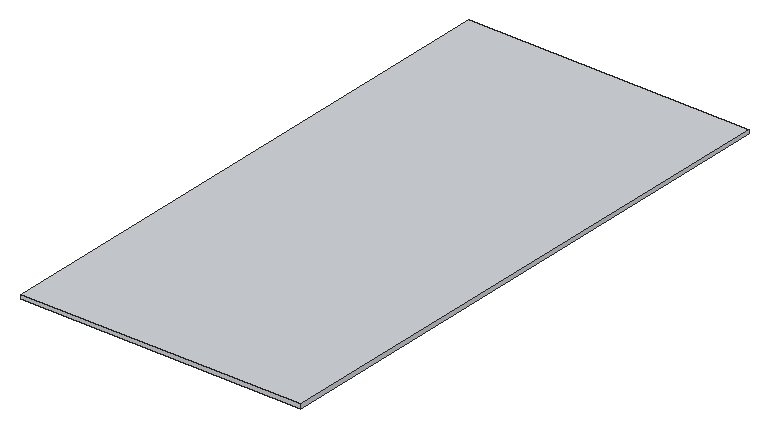
Revit family "Generico_PlacaGessoCartonado_2000x1000mm", category Modelos genéricos, Revit 2022
Family settings
  Pode hospedar o vergalhão = Não
  Cota do conector redondo = Utilizar diâmetro
  Tipo de parte = Normal
  Com base no plano de trabalho = Não
  Sempre na vertical = Sim
  Corte com vazios quando carregada = Não
  Manter orientação da anotação = Não
  Compartilhado = Não
  Ponto de cálculo do ambiente = Não
Parameters
  URL = "n/a"
  Tipo de imagem = <Nenhum>
  ResistênciaàFlexãoLongitudinal = "Cumpre"
  ResistênciaÀFlexãoTransversal = "Cumpre"
  ResistênciaAoVaporDeÁgua = "10"
  ResistênciaAoCisalhamento = "400"
  Keynote = "n/a"
  Model = "n/a"
  LarguraNominal = 1000 mm
  IfcExportType = "CEILING"
  IfcExportAs = "IfcCovering"
  Manufacturer = "n/a"
  Elevação padrão = 0 mm
  Description = "n/a"
  Assembly Code = "n/a"
  Custo = 0
  CondutibilidadeTérmica = "0.25 W/mK"
  ComprimentoNominal = 2000 mm
  Type Comments = "n/a"
  ClassificaçãoFogo = "A2-s1, d0"
  ClassificacaoSecclassPrVersao = "Julho 2022 - v1.14"
  ClassificacaoSecclassPrNumero = "Pr_25_71_52_38"
  ClassificacaoSecclassPrDescricao = "Placas de gesso"
  AlturaNominal = 14 mm
Reference planes
  plane 1 "Centro (Frente/Trás)": y = 0
  plane 2: z = 0
  plane 3 "Centro (Esquerda/Direita)": x = 0
Forms (mm)
  Extrusion 1, solid, detail levels medium+fine
    sketch origin (0, 0, 0) x (1, 0, 0) y (0, 1, 0)
      loop
        line (-1000, 2000) -> (-1000, 0) -> (0, 0) -> (0, 2000) -> (-1000, 2000)
    from 0 to 14
Lines and regions (mm)
  model lines, detail levels coarse
    curve 1: line (0, 2000, 0) -> (-1000, 2000, 0)
    curve 2: line (0, 0, 0) -> (0, 2000, 0)
    curve 3: line (-1000, 0, 0) -> (0, 0, 0)
    curve 4: line (-1000, 2000, 0) -> (-1000, 0, 0)
Dimensions and locks
  "AlturaNominal": Extrusion 1 to Extrusion 1
  "ComprimentoNominal": Extrusion 1 to Extrusion 1
  "LarguraNominal": Extrusion 1 to Extrusion 1
  aligned and locked: level to plane 2
  aligned and locked: Extrusion 1 sketch curve to plane 1 "Centro (Frente/Trás)"
  aligned and locked: Extrusion 1 sketch curve to plane 3 "Centro (Esquerda/Direita)"
Automatic sketch dimensions
  Extrusion 1 sketch curve to plane 3 "Centro (Esquerda/Direita)" = 1000 mm
  Extrusion 1 sketch curve to plane 1 "Centro (Frente/Trás)" = 2000 mm
  plane 1 "Centro (Frente/Trás)" to curve 3 = 0 mm
  curve 3 to plane 3 "Centro (Esquerda/Direita)" = 0 mm
  curve 4 to plane 3 "Centro (Esquerda/Direita)" = 1000 mm
  curve 2 to plane 1 "Centro (Frente/Trás)" = 2000 mm
